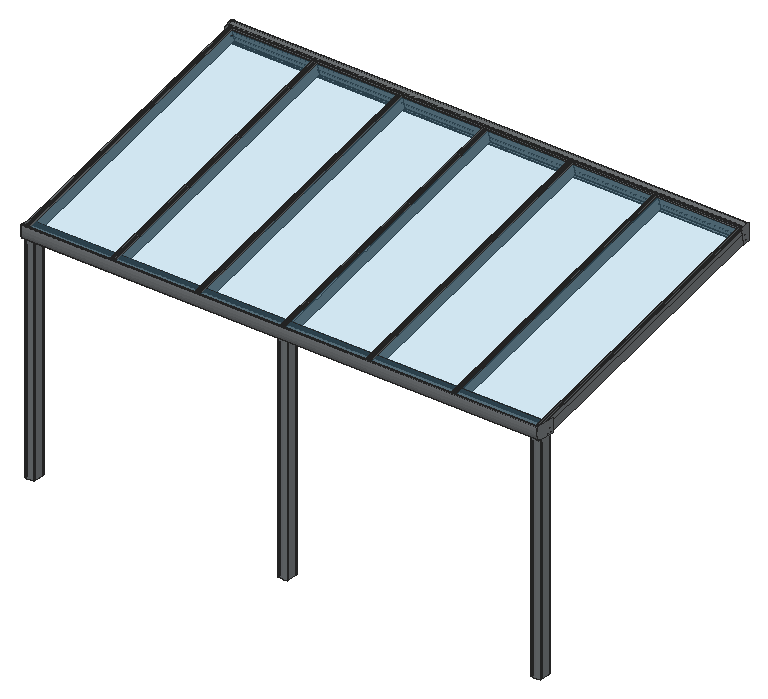
Revit family "Verano_V908_Ledro_GM_R21", category Generic Models, Revit 2021
Family settings
  Can host rebar = No
  Round Connector Dimension = Use Diameter
  Part Type = Normal
  Work Plane-Based = No
  Always vertical = Yes
  Cut with Voids When Loaded = No
  Shared = No
  Room Calculation Point = No
Parameters (values of type "T1 - Rounded Profile")
  c [instance] = sqrt(a ^ 2 + b ^ 2)  # 2944.26 mm
  b [instance] = Overall Projection Constraint - 30 mm - 122 mm  # 2848 mm
  a min. [instance] = b * tan(Min Angle)  # 249.168 mm
  a max. [instance] = b * tan(Max Angle)  # 763.119 mm
  a [instance] = H1 Constraint - H2 Constraint - 3.3 mm  # 746.7 mm
  Width [instance] = Overall Width Constraint  # 6000 mm
  Warning - Width [instance] = if(or(Width Input < Minimal Width, Width Input > Maximal Width), 1 = 1, 1 = 0)  # no
  Warning - Water Resistance [instance] = if(Inclination Angle < 7.00°, 1 = 1, 1 = 0)  # no
  Warning - Projection [instance] = if(or(Projection Input < Minimal Projection, Projection Input > Maximal Projection), 1 = 1, 1 = 0)  # no
  Warning - Height [instance] = if(or([H1 - Bottom Wall Profile] > Max H1, H2 Constraint > Max Pillar Height), 1 = 1, 1 = 0)  # no
  Warning - Angle [instance] = if(or(Inclination Angle < Min Angle, Inclination Angle > Max Angle), 1 = 1, 1 = 0)  # no
  URL = "https://verano.nl/catalogus/terrasoverkappingen"
  Width Input [instance] = 6000 mm
  Wall Profile Length [instance] = Overall Width Constraint  # 6000 mm
  Straight = not(Rounded)  # no
  Rounded = yes
  Projection [instance] = Overall Projection Constraint  # 3000 mm
  Pillar Offset [instance] = 57.5 mm  # constant formula
  Pillar Array Distance [instance] = if(Overall Width Constraint < 5001 mm, Overall Width Constraint - 2 * Pillar Offset, (Overall Width Constraint - 2 * Pillar Offset) / Number of Pillars wo Last)  # 1961.667 mm
  Panel Material [instance] = V_Polycarbonate
  Overall Width Constraint [instance] = if(Width Input < Minimal Width, Minimal Width, if(Width Input > Maximal Width, Maximal Width, Width Input))  # 6000 mm
  Overall Projection Constraint [instance] = if(Projection Input < Minimal Projection, Minimal Projection, if(Projection Input > Maximal Projection, Maximal Projection, Projection Input))  # 3000 mm
  Projection Input [instance] = 3000 mm
  OWC [instance] = Overall Width Constraint  # 6000 mm
  OPC [instance] = Overall Projection Constraint  # 3000 mm
  Number of Rails [instance] = Number of Fields - 1  # 5
  Number of Pillars wo Last [instance] = Number of Pillars - 1  # 3
  Number of Pillars [instance] = if(OWC < 4001 mm, 2, if(and(OWC < 4501 mm, OPC < 4001 mm), 2, if(and(OWC < 5001 mm, OPC < 3001 mm), 2, if(and(OWC < 5501 mm, OPC < 2001 mm), 2, if(and(OWC < 9001 mm, OPC > 4000 mm), 4, if(and(OWC < 10001 mm, OPC > 3000 mm), 4, if(and(OWC < 11001 mm, OPC > 2000 mm), 4, if(and(OWC < 12001 mm, OWC > 11000 mm), 4, if(and(OWC < 13501 mm, OPC < 4001 mm), 4, if(and(OWC < 14001 mm, OPC < 3001 mm), 4, if(and(OWC < 13501 mm, OPC > 4000 mm), 5, if(and(OWC < 14001 mm, OPC > 3000 mm), 5, 3))))))))))))  # 4
  Number of Fields [instance] = roundup(if(Overall Width Constraint < 3001 mm, 3, Overall Width Constraint / 1000 mm))  # 6
  NOP [instance] = if(OWC < 4001 mm, 2, if(and(OWC < 4501 mm, OPC < 4001 mm), 2, if(and(OWC < 5001 mm, OPC < 3001 mm), 2, if(and(OWC < 5501 mm, OPC < 2001 mm), 2, if(and(OWC < 4501 mm, OPC > 4000 mm), 3, if(and(OWC < 5001 mm, OPC > 3000 mm), 3, if(and(OWC < 5501 mm, OPC > 2000 mm), 3, if(and(OWC > 5999 mm, OWC < 8001 mm), 3, if(and(OWC < 8501 mm, OPC < 4001 mm), 3, if(and(OWC < 9001 mm, OPC < 4001 mm), 3, if(and(OWC < 10001 mm, OPC < 3001 mm), 3, if(and(OWC < 11001 mm, OPC < 2001 mm), 3, if(and(OWC < 9001 mm, OPC > 4001 mm), 4, if(and(OWC < 10001 mm, OPC > 3000 mm), 4, if(and(OWC < 11001 mm, OPC > 2000 mm), 4, if(and(OWC < 12001 mm, OWC > 11000 mm), 4, if(and(OWC < 13501 mm, OPC < 4001 mm), 4, if(and(OWC < 14001 mm, OPC < 3001 mm), 4, if(and(OWC < 13501 mm, OPC > 4000 mm), 5, if(and(OWC < 14001 mm, OPC > 3000 mm), 5, 6))))))))))))))))))))  # 3
  NOF [instance] = if(or(Number of Fields = 3, Number of Fields = 5, Number of Fields = 7, Number of Fields = 9, Number of Fields = 11, Number of Fields = 13), 1, 2)  # 2
  Model = "Ledro V908"
  Minimal Width = 3000 mm  # constant formula
  Minimal Projection = 2000 mm  # constant formula
  Min Angle = 5.00°  # constant formula
  Maximal Width = 14000 mm  # constant formula
  Max H1 = Max Pillar Height + 4349 mm * tan(Max Angle)  # 6165.311 mm
  Maximal Projection = 4500 mm  # constant formula
  Max Pillar Height = 5000 mm  # constant formula
  Max Angle = 15.00°  # constant formula
  Manufacturer = "Verano Systems"
  Height [instance] = [H1 - Bottom Wall Profile]  # 3250 mm
  H2C [instance] = if([H2 - Bottom Profile Gutter] > (H1 Constraint - a min. - 3.3 mm), (H1 Constraint - a min. - 3.3 mm), if([H2 - Bottom Profile Gutter] < (H1 Constraint - a max. - 3.3 mm), (H1 Constraint - a max. - 3.3 mm), [H2 - Bottom Profile Gutter]))  # 2500 mm
  H2 Constraint [instance] = if([H2 - Bottom Profile Gutter] > [H1 - Bottom Wall Profile], ([H1 - Bottom Wall Profile] - a min.), [H2 - Bottom Profile Gutter])  # 2500 mm
  H2 - Bottom Profile Gutter [instance] = 2500 mm
  H1 Constraint [instance] = if([H1 - Bottom Wall Profile] > Max H1, Max H1, [H1 - Bottom Wall Profile])  # 3250 mm
  H1 - Bottom Wall Profile [instance] = 3250 mm
  Gutter Length [instance] = Overall Width Constraint  # 6000 mm
  Glass Segment Width [instance] = (Overall Width Constraint / Number of Fields) - 28 mm  # 972 mm
  Frame Material [instance] = V_Antracite
  End Field Width [instance] = Overall Width Constraint / Number of Fields + 28.5 mm  # 1028.5 mm
  Default Elevation = 0 mm  # constant formula
  Attention = "Water resistance is not guaranteed on slopes less than 7º"
  Inclination Angle [instance] = atan(a / b)  # 14.6914°
  Adjacent [instance] = Overall Projection Constraint - 30 mm - 122 mm  # 2848 mm
  Achtung = "Keine Garantie auf Wasserdichtigkeit bei einem Gefälle von weniger als 7º"
Reference planes
  plane 1 "Center (Front/Back)": y = 0
  plane 2: z = 0
  plane 3 "Center (Left/Right)": x = 0
  plane 4 "Right": x = 3000
  plane 5 "Left": x = -3000
  plane 6: y = -3000
  plane 7: x = -2942.5
  plane 8: x = 2942.5
  plane 9: y = -2941.5
  plane 10 "CoRV": y = -30
  plane 11 "CoRH": z = 3250
  plane 12: z = 3436
  plane 13 "CoRV 1": y = -2877.75
  plane 14 "CoRH 1": z = 2500
  plane 15: x = -2971.5
  plane 16: x = 2971.5
Forms (mm)
  Revolve 1, solid, not visible
    sketch origin (0, 0, 3250) x (1, 0, 0) y (0, 1, 0)
      loop
        line (-3000, -30) -> (-3000, -40) -> (3000, -40) -> (3000, -30) -> (-3000, -30)
      axis (3000, -30) -> (-3000, -30)
    angle from 14.691 <- "Inclination Angle" to 90
  Extrusion 2, solid, material "V_Antracite" <- "Frame Material"
    sketch origin (3000, 0, 0) x (0, 1, 0) y (0, 0, 1)
      loop
        arc (-91.639, 3409.214) -> (-93.32, 3407.912) -> (-93.717, 3405.824) r 3
        line (-93.717, 3405.824) -> (-64.221, 3238.546)
        arc (-64.221, 3238.546) -> (-62.987, 3236.609) -> (-60.746, 3236.112) r 3
        line (-60.746, 3236.112) -> (-1.526, 3246.554)
        arc (-1.526, 3246.554) -> (-0.934, 3246.896) -> (-0.7, 3247.539) r 0.998
        line (-0.7, 3247.539) -> (-0.7, 3435.3)
        arc (-0.7, 3435.3) -> (-0.993, 3436.007) -> (-1.7, 3436.3) r 1
        line (-1.7, 3436.3) -> (-3.045, 3436.3) -> (-91.639, 3409.214)
      loop
        circle (-5.5, 3431.576) r 2
      loop
        circle (-49.952, 3416.94) r 2
      loop
        circle (-5.5, 3251.5) r 2
    from 0 to 2
  Extrusion 3, solid, material "V_Antracite" <- "Frame Material"
    sketch origin (-3000, 0, 0) x (0, 1, 0) y (0, 0, 1)
      loop
        arc (-91.639, 3409.214) -> (-93.32, 3407.912) -> (-93.717, 3405.824) r 3
        line (-93.717, 3405.824) -> (-64.221, 3238.546)
        arc (-64.221, 3238.546) -> (-62.987, 3236.609) -> (-60.746, 3236.112) r 3
        line (-60.746, 3236.112) -> (-1.526, 3246.554)
        arc (-1.526, 3246.554) -> (-0.934, 3246.896) -> (-0.7, 3247.539) r 0.998
        line (-0.7, 3247.539) -> (-0.7, 3435.3)
        arc (-0.7, 3435.3) -> (-0.993, 3436.007) -> (-1.7, 3436.3) r 1
        line (-1.7, 3436.3) -> (-3.045, 3436.3) -> (-91.639, 3409.214)
      loop
        circle (-5.5, 3431.576) r 2
      loop
        circle (-49.952, 3416.94) r 2
      loop
        circle (-5.5, 3251.5) r 2
    from 0 to -2
  Extrusion 4, solid, material "V_Antracite" <- "Frame Material", visible <- "Rounded"
    sketch origin (3000, 0, 0) x (0, 1, 0) y (0, 0, 1)
      loop
        arc (-3053.695, 2648) -> (-3055.094, 2647.573) -> (-3056.014, 2646.435) r 2.494
        arc (-3056.014, 2646.435) -> (-3067.356, 2575.877) -> (-3047.044, 2507.362) r 161.004
        arc (-3047.044, 2507.362) -> (-3046.687, 2506.875) -> (-3046.224, 2506.488) r 2.5
        arc (-3046.224, 2506.488) -> (-3034.124, 2501.273) -> (-3021.067, 2499.5) r 48.595
        line (-3021.067, 2499.5) -> (-2841.69, 2499.5)
        arc (-2841.69, 2499.5) -> (-2839.919, 2500.229) -> (-2839.19, 2502) r 2.491
        line (-2839.19, 2502) -> (-2839.19, 2645.5)
        arc (-2839.19, 2645.5) -> (-2839.922, 2647.268) -> (-2841.69, 2648) r 2.5
        line (-2841.69, 2648) -> (-3053.695, 2648)
      loop
        circle (-3041.44, 2638.938) r 2
      loop
        circle (-3041.44, 2513) r 2
      loop
        arc (-3006.19, 2575.5) -> (-3007.44, 2574.25) -> (-3006.19, 2573) r 1.25
        line (-3006.19, 2573) -> (-2946.19, 2573)
        arc (-2946.19, 2573) -> (-2944.94, 2574.25) -> (-2946.19, 2575.5) r 1.25
        line (-2946.19, 2575.5) -> (-3006.19, 2575.5)
      loop
        circle (-2908.44, 2591) r 2
      loop
        circle (-2908.44, 2513) r 2
    from 0 to 2
  Extrusion 5, solid, material "V_Antracite" <- "Frame Material", visible <- "Straight"
    sketch origin (3000, 0, 0) x (0, 1, 0) y (0, 0, 1)
      loop
        line (-2841.688, 2648.006) -> (-3027.893, 2648.006)
        arc (-3027.893, 2648.006) -> (-3029.603, 2647.705) -> (-3031.107, 2646.836) r 5
        line (-3031.107, 2646.836) -> (-3057.611, 2624.597)
        arc (-3057.611, 2624.597) -> (-3058.665, 2623.223) -> (-3059.04, 2621.533) r 4
        line (-3059.04, 2621.533) -> (-3059.04, 2516.296)
        arc (-3059.04, 2516.296) -> (-3058.799, 2514.928) -> (-3058.104, 2513.725) r 4
        line (-3058.104, 2513.725) -> (-3047.217, 2500.75)
        arc (-3047.217, 2500.75) -> (-3045.988, 2499.815) -> (-3044.476, 2499.501) r 3.5
        line (-3044.476, 2499.501) -> (-2841.691, 2499.501)
        arc (-2841.691, 2499.501) -> (-2839.921, 2500.23) -> (-2839.193, 2502) r 2.489
        line (-2839.193, 2502) -> (-2839.193, 2645.511)
        arc (-2839.193, 2645.511) -> (-2839.923, 2647.275) -> (-2841.688, 2648.006) r 2.495
    from 0 to 2
  Extrusion 6, solid, material "V_Antracite" <- "Frame Material", visible <- "Straight"
    sketch origin (-3000, 0, 0) x (0, 1, 0) y (0, 0, 1)
      loop
        arc (-3027.893, 2648.006) -> (-3029.603, 2647.705) -> (-3031.107, 2646.836) r 5
        line (-3031.107, 2646.836) -> (-3057.611, 2624.597)
        arc (-3057.611, 2624.597) -> (-3058.665, 2623.223) -> (-3059.04, 2621.533) r 4
        line (-3059.04, 2621.533) -> (-3059.04, 2516.296)
        arc (-3059.04, 2516.296) -> (-3058.799, 2514.928) -> (-3058.104, 2513.725) r 4
        line (-3058.104, 2513.725) -> (-3047.217, 2500.75)
        arc (-3047.217, 2500.75) -> (-3045.988, 2499.815) -> (-3044.476, 2499.501) r 3.5
        line (-3044.476, 2499.501) -> (-2841.691, 2499.501)
        arc (-2841.691, 2499.501) -> (-2839.921, 2500.23) -> (-2839.193, 2502) r 2.489
        line (-2839.193, 2502) -> (-2839.193, 2645.511)
        arc (-2839.193, 2645.511) -> (-2839.923, 2647.275) -> (-2841.688, 2648.006) r 2.495
        line (-2841.688, 2648.006) -> (-3027.893, 2648.006)
    from 0 to -2
  Extrusion 7, solid, material "V_Antracite" <- "Frame Material", visible <- "Rounded"
    sketch origin (-3000, 0, 0) x (0, 1, 0) y (0, 0, 1)
      loop
        line (-2841.567, 2647.379) -> (-3055.201, 2647.379)
        arc (-3055.201, 2647.379) -> (-3055.219, 2646.652) -> (-3054.896, 2646.001) r 1.514
        arc (-3054.896, 2646.001) -> (-3066.34, 2575.666) -> (-3046.206, 2507.309) r 160.489
        arc (-3046.206, 2507.309) -> (-3045.942, 2506.943) -> (-3045.609, 2506.64) r 2.149
        arc (-3045.609, 2506.64) -> (-3033.717, 2501.543) -> (-3020.9, 2499.782) r 48.359
        line (-3020.9, 2499.782) -> (-2841.701, 2499.782)
        arc (-2841.701, 2499.782) -> (-2840.086, 2500.445) -> (-2839.4, 2502.05) r 2.306
        line (-2839.4, 2502.05) -> (-2839.4, 2645.211)
        arc (-2839.4, 2645.211) -> (-2840.034, 2646.744) -> (-2841.567, 2647.379) r 2.168
      loop
        circle (-3041.44, 2638.938) r 2
      loop
        circle (-2908.44, 2591) r 2
      loop
        arc (-3006.19, 2575.5) -> (-3007.44, 2574.25) -> (-3006.19, 2573) r 1.25
        line (-3006.19, 2573) -> (-2946.19, 2573)
        arc (-2946.19, 2573) -> (-2944.94, 2574.25) -> (-2946.19, 2575.5) r 1.25
        line (-2946.19, 2575.5) -> (-3006.19, 2575.5)
      loop
        circle (-2908.44, 2513) r 2
      loop
        circle (-3041.44, 2513) r 2
    from 0 to -2
Lines and regions (mm)
  symbolic lines, style "GenericModelHiddenLines"
    curve 1: line (-3000, -30, 2500) -> (3000, -30, 2500)
    curve 2: line (-3000, -3000, 2500) -> (-3000, -30, 2500)
    curve 3: line (3000, -3000, 2500) -> (-3000, -3000, 2500)
    curve 4: line (3000, -30, 2500) -> (3000, -3000, 2500)
  symbolic lines, style "InvisibleLines"
    curve 5: line (-3000, -30, 2266.387) -> (-3000, -30, 3250)
Dimensions and locks
  "Overall Width Constraint": plane 5 "Left" to plane 4 "Right"
  equal spacing: plane 5 "Left", plane 3 "Center (Left/Right)", plane 4 "Right"
  "Overall Projection Constraint": plane 6 to plane 1 "Center (Front/Back)"
  locked: plane 6 to plane 9 at 58.5
  "Pillar Offset": plane 5 "Left" to plane 7
  plane 6 to plane 9 = 58.5 mm
  "Pillar Offset": plane 8 to plane 4 "Right"
  locked: plane 10 "CoRV" to plane 1 "Center (Front/Back)" at 30
  locked: plane 6 to plane 13 "CoRV 1" at 122.25
  locked: plane 11 "CoRH" to plane 12 at 186
  locked: plane 5 "Left" to plane 15 at 28.5
  locked: plane 16 to plane 4 "Right" at 28.5
  "H1 Constraint": plane 11 "CoRH" to level
  "H2 Constraint": plane 14 "CoRH 1" to level
  plane 1 "Center (Front/Back)" to Revolve 1 = 30 mm
  plane 1 "Center (Front/Back)" to plane 6 = 3000 mm
  equal spacing: group 2, group 4, group 3  (x3)
  equal spacing: group 5, group 7, group 6  (x3)
  aligned and locked: level to plane 2
  aligned and locked: nested 1 to plane 7
  aligned and locked: nested 2 to plane 7
  aligned and locked: nested 2 to plane 9
  aligned and locked: nested 4 to plane 9
  aligned and locked: plane 3 "Center (Left/Right)" to nested 5
  aligned and locked: nested 5 to plane 9
  aligned and locked: plane 3 "Center (Left/Right)" to nested 6
  aligned and locked: nested 6 to plane 12
  aligned and locked: plane 5 "Left" to Revolve 1 sketch curve
  aligned and locked: plane 10 "CoRV" to Revolve 1 sketch curve
  aligned and locked: plane 4 "Right" to Revolve 1 sketch curve
  aligned and locked: nested 1 to plane 9
  aligned and locked: nested 7 to plane 5 "Left"
  aligned and locked: Extrusion 6 sketch curve to Extrusion 5  (x8)
  aligned and locked: plane 5 "Left" to Extrusion 6
  aligned and locked: plane 10 "CoRV" to curve 1
  aligned and locked: curve 4 to plane 4 "Right"
  aligned and locked: curve 3 to plane 6
  aligned and locked: curve 2 to plane 5 "Left"
  aligned and locked: nested 5 to plane 14 "CoRH 1"
  aligned and locked: nested 4 to plane 14 "CoRH 1"
  aligned and locked: nested 8 to plane 8
  aligned and locked: nested 8 to plane 9
  aligned and locked: nested 10 to plane 8
  aligned and locked: nested 10 to plane 9
Automatic sketch dimensions
  plane 12 to Extrusion 2 sketch curve = 30.176 mm
  plane 10 "CoRV" to Extrusion 2 sketch curve = 63.717 mm
  plane 12 to Extrusion 2 sketch curve = 26.786 mm
  Extrusion 2 sketch curve to Extrusion 2 sketch curve = 2.077 mm
  Extrusion 2 sketch curve to Extrusion 2 sketch curve = 0.877 mm
  plane 11 "CoRH" to Extrusion 2 sketch curve = 11.454 mm
  plane 10 "CoRV" to Extrusion 2 sketch curve = 34.221 mm
  Extrusion 2 sketch curve to Extrusion 2 sketch curve = 2.954 mm
  plane 11 "CoRH" to Extrusion 2 sketch curve = 13.888 mm
  Extrusion 2 sketch curve to Extrusion 2 sketch curve = 0.521 mm
  plane 10 "CoRV" to Extrusion 2 sketch curve = 19.952 mm
  Extrusion 2 sketch curve to plane 11 "CoRH" = 1.5 mm
  plane 1 "Center (Front/Back)" to Extrusion 2 sketch curve = 5.5 mm  (x2)
  Extrusion 2 sketch curve to plane 12 = 0.3 mm
  plane 1 "Center (Front/Back)" to Extrusion 2 sketch curve = 3.045 mm
  Extrusion 2 sketch curve to Extrusion 2 sketch curve = 1.345 mm
  plane 1 "Center (Front/Back)" to Extrusion 2 sketch curve = 1.698 mm
  Extrusion 2 sketch curve to Extrusion 2 sketch curve = 0.172 mm
  plane 1 "Center (Front/Back)" to Extrusion 2 sketch curve = 0.7 mm
  plane 11 "CoRH" to Extrusion 2 sketch curve = 3.446 mm
  Extrusion 2 sketch curve to Extrusion 2 sketch curve = 0.983 mm
  plane 12 to Extrusion 2 sketch curve = 19.06 mm
  plane 12 to Extrusion 2 sketch curve = 4.424 mm
  plane 12 to Extrusion 3 sketch curve = 30.176 mm
  plane 10 "CoRV" to Extrusion 3 sketch curve = 63.717 mm
  plane 12 to Extrusion 3 sketch curve = 26.786 mm
  Extrusion 3 sketch curve to Extrusion 3 sketch curve = 2.077 mm
  Extrusion 3 sketch curve to Extrusion 3 sketch curve = 0.877 mm
  plane 11 "CoRH" to Extrusion 3 sketch curve = 11.454 mm
  plane 10 "CoRV" to Extrusion 3 sketch curve = 34.221 mm
  Extrusion 3 sketch curve to Extrusion 3 sketch curve = 2.954 mm
  plane 11 "CoRH" to Extrusion 3 sketch curve = 13.888 mm
  Extrusion 3 sketch curve to Extrusion 3 sketch curve = 0.521 mm
  plane 10 "CoRV" to Extrusion 3 sketch curve = 19.952 mm
  Extrusion 3 sketch curve to plane 11 "CoRH" = 1.5 mm
  plane 1 "Center (Front/Back)" to Extrusion 3 sketch curve = 5.5 mm  (x2)
  Extrusion 3 sketch curve to plane 12 = 0.3 mm
  plane 1 "Center (Front/Back)" to Extrusion 3 sketch curve = 3.045 mm
  Extrusion 3 sketch curve to Extrusion 3 sketch curve = 1.345 mm
  plane 1 "Center (Front/Back)" to Extrusion 3 sketch curve = 1.698 mm
  Extrusion 3 sketch curve to Extrusion 3 sketch curve = 0.172 mm
  plane 1 "Center (Front/Back)" to Extrusion 3 sketch curve = 0.7 mm
  plane 11 "CoRH" to Extrusion 3 sketch curve = 3.446 mm
  Extrusion 3 sketch curve to Extrusion 3 sketch curve = 0.983 mm
  plane 12 to Extrusion 3 sketch curve = 19.06 mm
  plane 12 to Extrusion 3 sketch curve = 4.424 mm
  plane 6 to Extrusion 4 sketch curve = 53.699 mm
  Extrusion 4 sketch curve to Extrusion 4 sketch curve = 0.004 mm
  Extrusion 4 sketch curve to plane 14 "CoRH 1" = 8.586 mm
  plane 6 to Extrusion 4 sketch curve = 44.865 mm
  Extrusion 4 sketch curve to Extrusion 4 sketch curve = 12.259 mm
  Extrusion 4 sketch curve to Extrusion 4 sketch curve = 3.425 mm
  plane 6 to Extrusion 4 sketch curve = 21.117 mm
  plane 14 "CoRH 1" to Extrusion 4 sketch curve = 0.5 mm
  plane 6 to Extrusion 4 sketch curve = 21.067 mm
  plane 6 to Extrusion 4 sketch curve = 6.19 mm
  plane 9 to Extrusion 4 sketch curve = 4.69 mm
  plane 13 "CoRV 1" to Extrusion 4 sketch curve = 30.69 mm  (x2)
  Extrusion 4 sketch curve to plane 14 "CoRH 1" = 13 mm
  Extrusion 4 sketch curve to Extrusion 4 sketch curve = 1.754 mm
  Extrusion 4 sketch curve to plane 13 "CoRV 1" = 36.06 mm  (x2)
  Extrusion 4 sketch curve to plane 14 "CoRH 1" = 1.991 mm
  Extrusion 4 sketch curve to Extrusion 4 sketch curve = 0.009 mm
  Extrusion 4 sketch curve to plane 14 "CoRH 1" = 2 mm
  Extrusion 4 sketch curve to Extrusion 4 sketch curve = 4.414 mm
  Extrusion 4 sketch curve to Extrusion 4 sketch curve = 35.095 mm
  Extrusion 4 sketch curve to Extrusion 4 sketch curve = 60 mm
  Extrusion 4 sketch curve to Extrusion 4 sketch curve = 1.25 mm
  Extrusion 4 sketch curve to Extrusion 4 sketch curve = 10.74 mm
  Extrusion 4 sketch curve to Extrusion 4 sketch curve = 4.76 mm
  Extrusion 4 sketch curve to Extrusion 4 sketch curve = 63.438 mm
  Extrusion 4 sketch curve to Extrusion 4 sketch curve = 54.5 mm
  Extrusion 4 sketch curve to Extrusion 4 sketch curve = 2.494 mm
  Extrusion 4 sketch curve to Extrusion 4 sketch curve = 2.315 mm
  Extrusion 4 sketch curve to Extrusion 4 sketch curve = 0 mm
  plane 6 to Extrusion 5 sketch curve = 59.04 mm
  Extrusion 5 sketch curve to plane 14 "CoRH 1" = 13.725 mm
  Extrusion 5 sketch curve to Extrusion 5 sketch curve = 0.936 mm
  Extrusion 5 sketch curve to Extrusion 5 sketch curve = 1.429 mm
  Extrusion 5 sketch curve to Extrusion 5 sketch curve = 3.064 mm
  Extrusion 5 sketch curve to Extrusion 5 sketch curve = 4 mm
  Extrusion 5 sketch curve to plane 14 "CoRH 1" = 0.75 mm
  Extrusion 5 sketch curve to Extrusion 5 sketch curve = 10.887 mm
  Extrusion 5 sketch curve to Extrusion 5 sketch curve = 2.681 mm
  plane 14 "CoRH 1" to Extrusion 5 sketch curve = 0.499 mm
  Extrusion 5 sketch curve to Extrusion 5 sketch curve = 2.741 mm
  plane 6 to Extrusion 5 sketch curve = 31.107 mm
  Extrusion 5 sketch curve to Extrusion 5 sketch curve = 3.214 mm
  Extrusion 5 sketch curve to plane 13 "CoRV 1" = 36.059 mm
  Extrusion 5 sketch curve to plane 13 "CoRV 1" = 36.062 mm
  Extrusion 5 sketch curve to plane 14 "CoRH 1" = 1.99 mm
  Extrusion 5 sketch curve to Extrusion 5 sketch curve = 0.009 mm
  Extrusion 5 sketch curve to Extrusion 5 sketch curve = 2.495 mm
  Extrusion 5 sketch curve to Extrusion 5 sketch curve = 105.237 mm
  Extrusion 5 sketch curve to Extrusion 5 sketch curve = 21.473 mm
  Extrusion 5 sketch curve to Extrusion 5 sketch curve = 143.521 mm
  Extrusion 6 sketch curve to Extrusion 6 sketch curve = 3.214 mm
  Extrusion 6 sketch curve to Extrusion 6 sketch curve = 26.504 mm
  Extrusion 6 sketch curve to Extrusion 6 sketch curve = 0.936 mm
  Extrusion 6 sketch curve to plane 14 "CoRH 1" = 0.75 mm
  Extrusion 7 sketch curve to plane 13 "CoRV 1" = 36.182 mm
  Extrusion 7 sketch curve to plane 14 "CoRH 1" = 145.211 mm
  Extrusion 7 sketch curve to Extrusion 7 sketch curve = 2.168 mm
  plane 6 to Extrusion 7 sketch curve = 55.201 mm
  Extrusion 7 sketch curve to plane 14 "CoRH 1" = 2.05 mm
  Extrusion 7 sketch curve to Extrusion 7 sketch curve = 2.306 mm
  Extrusion 7 sketch curve to plane 14 "CoRH 1" = 2.088 mm
  plane 14 "CoRH 1" to Extrusion 7 sketch curve = 0.218 mm
  plane 6 to Extrusion 7 sketch curve = 20.9 mm
  plane 6 to Extrusion 7 sketch curve = 20.782 mm
  Extrusion 7 sketch curve to plane 14 "CoRH 1" = 48.14 mm
  Extrusion 7 sketch curve to plane 14 "CoRH 1" = 6.64 mm
  Extrusion 7 sketch curve to Extrusion 7 sketch curve = 1.269 mm
  Extrusion 7 sketch curve to Extrusion 7 sketch curve = 1.735 mm
  Extrusion 7 sketch curve to Extrusion 7 sketch curve = 0.597 mm
  plane 13 "CoRV 1" to Extrusion 7 sketch curve = 28.416 mm
  Extrusion 7 sketch curve to Extrusion 7 sketch curve = 0.305 mm
  Extrusion 7 sketch curve to Extrusion 7 sketch curve = 1.155 mm
  Extrusion 7 sketch curve to Extrusion 7 sketch curve = 12.301 mm
  Extrusion 7 sketch curve to plane 14 "CoRH 1" = 85.702 mm
  Extrusion 7 sketch curve to Extrusion 7 sketch curve = 8.042 mm
  Extrusion 7 sketch curve to Extrusion 7 sketch curve = 2 mm  (x4)
  Extrusion 7 sketch curve to Extrusion 7 sketch curve = 2.275 mm
  Extrusion 7 sketch curve to Extrusion 7 sketch curve = 5.298 mm
  plane 6 to Extrusion 7 sketch curve = 6.19 mm
  Extrusion 7 sketch curve to Extrusion 7 sketch curve = 26.11 mm
  Extrusion 7 sketch curve to Extrusion 7 sketch curve = 1.25 mm
  plane 9 to Extrusion 7 sketch curve = 4.69 mm
  Extrusion 7 sketch curve to plane 14 "CoRH 1" = 13 mm
  plane 13 "CoRV 1" to Extrusion 7 sketch curve = 30.69 mm
  Extrusion 7 sketch curve to Extrusion 7 sketch curve = 0 mm  (x2)
  Extrusion 7 sketch curve to Extrusion 7 sketch curve = 2.9 mm
  Extrusion 7 sketch curve to Extrusion 7 sketch curve = 4.625 mm
  plane 10 "CoRV" to Revolve 1 sketch curve = 0 mm
  plane 10 "CoRV" to Revolve 1 sketch curve = 10 mm
  Revolve 1 sketch curve to plane 5 "Left" = 3799.714 mm
  plane 4 "Right" to Revolve 1 sketch curve = 3564.034 mm
  curve 5 to plane 10 "CoRV" = 0 mm
  plane 11 "CoRH" to curve 5 = 0 mm
  plane 14 "CoRH 1" to curve 5 = 233.613 mm
  radius of Extrusion 2 sketch curve = 2 mm  (x3)
  radius of Extrusion 3 sketch curve = 2 mm  (x3)
  radius of Extrusion 4 sketch curve = 2 mm  (x4)
Nested families
  nested 1: "Pillar-Rounded" at (-2942.5, -2941.5, 0) x (0, 1, 0) z (0, 0, 1), visible <- "Rounded", type "Pillar-Rounded"
    with Pillar Height 2500 mm
  nested 2: "Pillar" at (-2942.5, -2941.5, 0) x (0, 1, 0) z (0, 0, 1), visible <- "Straight", type "Pillar"
    with Pillar Height 2500 mm
  nested 3: "Pillar" at (-2942.5, -1441.5, 0) x (0, 1, 0) z (0, 0, 1), type "Pillar", not visible
    with Pillar Height 2500 mm
  nested 4: "Gutter_Straight" at (0, -2941.5, 2500) x (-1, 0, 0) z (0, 0, 1), visible <- "Straight", built-in parameter 1001360 <- "H2 Constraint", type "Gutter_Straight"
    with Length 6000 mm, Default Elevation 2814.229 mm
  nested 5: "Gutter_Rounded" at (0, -2941.5, 2500) x (-1, 0, 0) z (0, 0, 1), visible <- "Rounded", built-in parameter 1001360 <- "H2 Constraint", type "Gutter_Rounded"
    with Length 6000 mm
  nested 6: "Wall Profile" at (0, 0, 3436), type "Wall Profile"
    with Length 6000 mm, Default Elevation 4000 mm
  nested 7: "Top Frame_4" at (1500, -30, 3250) x (1, 0, 0) z (0, -0.2536, 0.9673), type "Top Frame_4"
    with Width 6000 mm, V3000 yes, Rail Length Short 2929.66 mm, Rail Length 3019.66 mm, Number of Rails 5, Number of Fileds 6, Glass Width 962.5 mm, Field Width 990.5 mm, Frame Depth 2944.26 mm
  nested 8: "Pillar" at (2942.5, -2941.5, 0) x (0, 1, 0) z (0, 0, 1), visible <- "Straight", type "Pillar"
    with Pillar Height 2500 mm
  nested 9: "Pillar" at (0, -2941.5, 0) x (0, 1, 0) z (0, 0, 1), visible <- "Straight", type "Pillar"
    with Pillar Height 2500 mm
  nested 10: "Pillar-Rounded" at (2942.5, -2941.5, 0) x (0, 1, 0) z (0, 0, 1), visible <- "Rounded", type "Pillar-Rounded"
    with Pillar Height 2500 mm
  nested 11: "Pillar-Rounded" at (0, -2941.5, 0) x (0, 1, 0) z (0, 0, 1), visible <- "Rounded", type "Pillar-Rounded"
    with Pillar Height 2500 mm
Definition of nested family "Pillar-Rounded"
  Parameters
    Pillar Height = 250 mm
    Frame Material = none
    Default Elevation = 0 mm
  Reference planes
    plane 1 "Center (Front/Back)": y = 0
    plane 2: z = 0
    plane 3 "Center (Left/Right)": x = 0
  Forms (mm)
    Extrusion 1, solid, material <- "Frame Material"
      sketch origin (0, 0, 0) x (1, 0, 0) y (0, 1, 0)
        loop
          arc (-67.5, 57.5) -> (-68.086, 57.31) -> (-68.45, 56.813) r 1
          arc (-68.45, 56.813) -> (-68.792, 57.501) -> (-69.477, 57.15) r 0.541
          arc (-69.477, 57.15) -> (-78.276, 0) -> (-69.478, -57.146) r 190
          arc (-69.478, -57.146) -> (-68.797, -57.498) -> (-68.449, -56.815) r 0.541
          arc (-68.449, -56.815) -> (-68.085, -57.311) -> (-67.5, -57.5) r 1
          line (-67.5, -57.5) -> (67.5, -57.5)
          arc (67.5, -57.5) -> (68.207, -57.207) -> (68.5, -56.5) r 1
          line (68.5, -56.5) -> (68.5, -48.549)
          arc (68.5, -48.549) -> (68.319, -47.976) -> (67.842, -47.61) r 1
          arc (67.842, -47.61) -> (68.319, -47.243) -> (68.5, -46.67) r 1
          line (68.5, -46.67) -> (68.5, 46.67)
          arc (68.5, 46.67) -> (68.319, 47.243) -> (67.842, 47.61) r 1
          arc (67.842, 47.61) -> (68.319, 47.976) -> (68.5, 48.549) r 1
          line (68.5, 48.549) -> (68.5, 56.5)
          arc (68.5, 56.5) -> (68.207, 57.207) -> (67.5, 57.5) r 1
          line (67.5, 57.5) -> (-67.5, 57.5)
        loop
          line (66.5, 55.5) -> (55, 55.5) -> (55, 42.786)
          arc (55, 42.786) -> (53.634, 42.975) -> (53, 44.2) r 1.5
          line (53, 44.2) -> (53, 55.5) -> (14.5, 55.5) -> (14.5, -55.5) -> (53, -55.5) -> (53, -44.2)
          arc (53, -44.2) -> (53.634, -42.975) -> (55, -42.786) r 1.5
          line (55, -42.786) -> (55, -55.5) -> (66.5, -55.5) -> (66.5, -50)
          arc (66.5, -50) -> (66.207, -49.293) -> (65.5, -49) r 1
          line (65.5, -49) -> (63.628, -49)
          arc (63.628, -49) -> (62.087, -48.275) -> (61.664, -46.626) r 2
          line (61.664, -46.626) -> (55.329, -44.32) -> (55.5, -43.35) -> (62.12, -43.35) -> (65.158, -44.456)
          arc (65.158, -44.456) -> (66.074, -44.335) -> (66.5, -43.516) r 1
          line (66.5, -43.516) -> (66.5, 43.516)
          arc (66.5, 43.516) -> (66.074, 44.335) -> (65.158, 44.456) r 1
          line (65.158, 44.456) -> (62.12, 43.35) -> (55.5, 43.35) -> (55.329, 44.32) -> (61.664, 46.626)
          arc (61.664, 46.626) -> (62.087, 48.275) -> (63.628, 49) r 2
          line (63.628, 49) -> (65.5, 49)
          arc (65.5, 49) -> (66.207, 49.293) -> (66.5, 50) r 1
          line (66.5, 50) -> (66.5, 55.5)
        loop
          line (12.5, -55.5) -> (12.5, 55.5) -> (-53, 55.5) -> (-53, 49.964)
          arc (-53, 49.964) -> (-49.615, 50.252) -> (-47.229, 47.833) r 4
          arc (-47.229, 47.833) -> (-47.601, 46.679) -> (-48.812, 46.732) r 1
          arc (-48.812, 46.732) -> (-52.564, 48.047) -> (-51.207, 44.31) r 2.2
          arc (-51.207, 44.31) -> (-51.103, 43.258) -> (-52, 42.7) r 1
          line (-52, 42.7) -> (-54, 42.7)
          arc (-54, 42.7) -> (-54.707, 42.993) -> (-55, 43.7) r 1
          line (-55, 43.7) -> (-55, 55.5) -> (-67.897, 55.5)
          arc (-67.897, 55.5) -> (-76.276, 0) -> (-67.897, -55.5) r 188
          line (-67.897, -55.5) -> (-55, -55.5) -> (-55, -43.7)
          arc (-55, -43.7) -> (-54.707, -42.993) -> (-54, -42.7) r 1
          line (-54, -42.7) -> (-52, -42.7)
          arc (-52, -42.7) -> (-51.103, -43.258) -> (-51.207, -44.31) r 1
          arc (-51.207, -44.31) -> (-52.564, -48.047) -> (-48.812, -46.732) r 2.2
          arc (-48.812, -46.732) -> (-47.601, -46.679) -> (-47.229, -47.833) r 1
          arc (-47.229, -47.833) -> (-49.615, -50.252) -> (-53, -49.964) r 4
          line (-53, -49.964) -> (-53, -55.5) -> (12.5, -55.5)
      from 0 to 250 <- "Pillar Height"
  Dimensions and locks
    aligned and locked: level to plane 2
Definition of nested family "Pillar"
  Parameters
    Pillar Height = 250 mm
    Frame Material = none
    Default Elevation = 0 mm
  Reference planes
    plane 1 "Center (Front/Back)": y = 0
    plane 2: z = 0
    plane 3 "Center (Left/Right)": x = 0
  Forms (mm)
    Extrusion 1, solid, material <- "Frame Material"
      sketch origin (0, 0, 0) x (1, 0, 0) y (0, 1, 0)
        loop
          arc (-67.5, 57.5) -> (-68.207, 57.207) -> (-68.5, 56.5) r 1
          line (-68.5, 56.5) -> (-68.5, 48.549)
          arc (-68.5, 48.549) -> (-68.319, 47.976) -> (-67.842, 47.61) r 1
          arc (-67.842, 47.61) -> (-68.319, 47.243) -> (-68.5, 46.67) r 1
          line (-68.5, 46.67) -> (-68.5, -46.67)
          arc (-68.5, -46.67) -> (-68.319, -47.243) -> (-67.842, -47.61) r 1
          arc (-67.842, -47.61) -> (-68.319, -47.976) -> (-68.5, -48.549) r 1
          line (-68.5, -48.549) -> (-68.5, -56.5)
          arc (-68.5, -56.5) -> (-68.207, -57.207) -> (-67.5, -57.5) r 1
          line (-67.5, -57.5) -> (67.5, -57.5)
          arc (67.5, -57.5) -> (68.207, -57.207) -> (68.5, -56.5) r 1
          line (68.5, -56.5) -> (68.5, -48.549)
          arc (68.5, -48.549) -> (68.319, -47.976) -> (67.842, -47.61) r 1
          arc (67.842, -47.61) -> (68.319, -47.243) -> (68.5, -46.67) r 1
          line (68.5, -46.67) -> (68.5, 46.67)
          arc (68.5, 46.67) -> (68.319, 47.243) -> (67.842, 47.61) r 1
          arc (67.842, 47.61) -> (68.319, 47.976) -> (68.5, 48.549) r 1
          line (68.5, 48.549) -> (68.5, 56.5)
          arc (68.5, 56.5) -> (68.207, 57.207) -> (67.5, 57.5) r 1
          line (67.5, 57.5) -> (-67.5, 57.5)
        loop
          line (66.5, 55.5) -> (55, 55.5) -> (55, 42.786)
          arc (55, 42.786) -> (53.634, 42.975) -> (53, 44.2) r 1.5
          line (53, 44.2) -> (53, 55.5) -> (14.5, 55.5) -> (14.5, -55.5) -> (53, -55.5) -> (53, -44.2)
          arc (53, -44.2) -> (53.634, -42.975) -> (55, -42.786) r 1.5
          line (55, -42.786) -> (55, -55.5) -> (66.5, -55.5) -> (66.5, -50)
          arc (66.5, -50) -> (66.207, -49.293) -> (65.5, -49) r 1
          line (65.5, -49) -> (63.628, -49)
          arc (63.628, -49) -> (62.087, -48.275) -> (61.664, -46.626) r 2
          line (61.664, -46.626) -> (55.329, -44.32) -> (55.5, -43.35) -> (62.12, -43.35) -> (65.158, -44.456)
          arc (65.158, -44.456) -> (66.074, -44.335) -> (66.5, -43.516) r 1
          line (66.5, -43.516) -> (66.5, 43.516)
          arc (66.5, 43.516) -> (66.074, 44.335) -> (65.158, 44.456) r 1
          line (65.158, 44.456) -> (62.12, 43.35) -> (55.5, 43.35) -> (55.329, 44.32) -> (61.664, 46.626)
          arc (61.664, 46.626) -> (62.087, 48.275) -> (63.628, 49) r 2
          line (63.628, 49) -> (65.5, 49)
          arc (65.5, 49) -> (66.207, 49.293) -> (66.5, 50) r 1
          line (66.5, 50) -> (66.5, 55.5)
        loop
          line (12.5, -55.5) -> (12.5, 55.5) -> (-53, 55.5) -> (-53, 49.964)
          arc (-53, 49.964) -> (-49.615, 50.252) -> (-47.229, 47.833) r 4
          arc (-47.229, 47.833) -> (-47.601, 46.679) -> (-48.812, 46.732) r 1
          arc (-48.812, 46.732) -> (-52.564, 48.047) -> (-51.207, 44.31) r 2.2
          arc (-51.207, 44.31) -> (-51.103, 43.258) -> (-52, 42.7) r 1
          line (-52, 42.7) -> (-54, 42.7)
          arc (-54, 42.7) -> (-54.707, 42.993) -> (-55, 43.7) r 1
          line (-55, 43.7) -> (-55, 55.5) -> (-66.5, 55.5) -> (-66.5, 50)
          arc (-66.5, 50) -> (-66.207, 49.293) -> (-65.5, 49) r 1
          line (-65.5, 49) -> (-63.628, 49)
          arc (-63.628, 49) -> (-62.087, 48.275) -> (-61.664, 46.626) r 2
          line (-61.664, 46.626) -> (-55.329, 44.32) -> (-55.5, 43.35) -> (-62.12, 43.35) -> (-65.158, 44.456)
          arc (-65.158, 44.456) -> (-66.074, 44.335) -> (-66.5, 43.516) r 1
          line (-66.5, 43.516) -> (-66.5, -43.516)
          arc (-66.5, -43.516) -> (-66.074, -44.335) -> (-65.158, -44.456) r 1
          line (-65.158, -44.456) -> (-62.12, -43.35) -> (-55.5, -43.35) -> (-55.329, -44.32) -> (-61.664, -46.626)
          arc (-61.664, -46.626) -> (-62.087, -48.275) -> (-63.628, -49) r 2
          line (-63.628, -49) -> (-65.5, -49)
          arc (-65.5, -49) -> (-66.207, -49.293) -> (-66.5, -50) r 1
          line (-66.5, -50) -> (-66.5, -55.5) -> (-55, -55.5) -> (-55, -43.7)
          arc (-55, -43.7) -> (-54.707, -42.993) -> (-54, -42.7) r 1
          line (-54, -42.7) -> (-52, -42.7)
          arc (-52, -42.7) -> (-51.103, -43.258) -> (-51.207, -44.31) r 1
          arc (-51.207, -44.31) -> (-52.564, -48.047) -> (-48.812, -46.732) r 2.2
          arc (-48.812, -46.732) -> (-47.601, -46.679) -> (-47.229, -47.833) r 1
          arc (-47.229, -47.833) -> (-49.615, -50.252) -> (-53, -49.964) r 4
          line (-53, -49.964) -> (-53, -55.5) -> (12.5, -55.5)
      from 0 to 250 <- "Pillar Height"
  Dimensions and locks
    aligned and locked: level to plane 2
Definition of nested family "Gutter_Straight"
  Parameters
    Length = 1000 mm
    Frame Material = none
    Default Elevation = 0 mm
  Reference planes
    plane 1 "Center (Front/Back)": y = 0
    plane 2: z = 0
    plane 3 "Center (Left/Right)": x = 0
    plane 4: x = 500
    plane 5: x = -500
  Forms (mm)
    Extrusion 1, solid, material <- "Frame Material"
      sketch origin (0, 0, 0) x (0, 1, 0) y (0, 0, 1)
        loop
          line (115.79, 124.214) -> (92.936, 143.391)
          arc (92.936, 143.391) -> (88.674, 143.952) -> (86.365, 140.326) r 4
          line (86.365, 140.326) -> (86.365, 137.911)
          arc (86.365, 137.911) -> (84.611, 136.038) -> (84.607, 133.471) r 3.5
          arc (84.607, 133.471) -> (85.622, 132.84) -> (86.517, 133.633) r 1
          arc (86.517, 133.633) -> (87.865, 136.499) -> (89.213, 133.633) r 1.75
          arc (89.213, 133.633) -> (90.107, 132.84) -> (91.123, 133.471) r 1
          arc (91.123, 133.471) -> (91.119, 136.038) -> (89.365, 137.911) r 3.5
          line (89.365, 137.911) -> (89.365, 139.254)
          arc (89.365, 139.254) -> (90.231, 140.614) -> (91.829, 140.403) r 1.5
          line (91.829, 140.403) -> (113.54, 122.186) -> (113.54, 48.999) -> (109.54, 48.999) -> (109.54, 54.799)
          arc (109.54, 54.799) -> (108.64, 55.699) -> (107.74, 54.799) r 0.9
          line (107.74, 54.799) -> (107.74, 41.399)
          arc (107.74, 41.399) -> (108.64, 40.499) -> (109.54, 41.399) r 0.9
          line (109.54, 41.399) -> (109.54, 47.199) -> (113.54, 47.199) -> (113.54, 16.296) -> (105.32, 6.499) -> (98.033, 6.499)
          arc (98.033, 6.499) -> (97.472, 6.359) -> (97.044, 5.97) r 1.188
          arc (97.044, 5.97) -> (95.79, 2.999) -> (94.536, 5.97) r 1.75
          arc (94.536, 5.97) -> (93.345, 6.482) -> (92.395, 5.599) r 1.188
          arc (92.395, 5.599) -> (92.291, 4.848) -> (92.352, 4.093) r 3.5
          arc (92.352, 4.093) -> (92.246, 3.68) -> (91.861, 3.499) r 0.5
          line (91.861, 3.499) -> (-14.31, 3.499) -> (-14.31, 66.999) -> (-10.31, 66.999) -> (-10.31, 61.199)
          arc (-10.31, 61.199) -> (-9.41, 60.299) -> (-8.51, 61.199) r 0.9
          line (-8.51, 61.199) -> (-8.51, 74.599)
          arc (-8.51, 74.599) -> (-9.41, 75.499) -> (-10.31, 74.599) r 0.9
          line (-10.31, 74.599) -> (-10.31, 68.799) -> (-14.31, 68.799) -> (-14.31, 98.699)
          arc (-14.31, 98.699) -> (-14.103, 99.105) -> (-13.654, 99.174) r 0.5
          arc (-13.654, 99.174) -> (-12.462, 99.001) -> (-11.282, 99.241) r 3.5
          arc (-11.282, 99.241) -> (-10.651, 100.257) -> (-11.444, 101.151) r 1
          arc (-11.444, 101.151) -> (-14.31, 102.499) -> (-11.444, 103.847) r 1.75
          arc (-11.444, 103.847) -> (-10.651, 104.742) -> (-11.282, 105.757) r 1
          arc (-11.282, 105.757) -> (-11.91, 105.938) -> (-12.56, 105.999) r 3.5
          line (-12.56, 105.999) -> (-30.31, 105.999)
          arc (-30.31, 105.999) -> (-31.017, 105.706) -> (-31.31, 104.999) r 1
          line (-31.31, 104.999) -> (-31.31, 22.473)
          arc (-31.31, 22.473) -> (-31.749, 21.412) -> (-32.81, 20.973) r 1.5
          line (-32.81, 20.973) -> (-36.708, 20.973)
          arc (-36.708, 20.973) -> (-37.167, 21.085) -> (-37.524, 21.395) r 1
          arc (-37.524, 21.395) -> (-44.539, 28.566) -> (-53.438, 33.197) r 31.83
          arc (-53.438, 33.197) -> (-55.318, 32.721) -> (-54.563, 30.934) r 1.278
          arc (-54.563, 30.934) -> (-46.17, 26.662) -> (-39.564, 19.95) r 29.33
          arc (-39.564, 19.95) -> (-38.316, 18.864) -> (-36.708, 18.473) r 3.5
          line (-36.708, 18.473) -> (-32.81, 18.473)
          arc (-32.81, 18.473) -> (-31.749, 18.033) -> (-31.31, 16.973) r 1.5
          line (-31.31, 16.973) -> (-31.31, 3.5) -> (-58.525, 3.5)
          arc (-58.525, 3.5) -> (-63.75, 7.994) -> (-68.5, 3) r 5
          line (-68.5, 3) -> (-68.5, 0) -> (103.032, 0)
          arc (103.032, 0) -> (104.302, 0.28) -> (105.334, 1.072) r 3
          line (105.334, 1.072) -> (116.221, 14.046)
          arc (116.221, 14.046) -> (116.829, 15.099) -> (117.04, 16.296) r 3.5
          line (117.04, 16.296) -> (117.04, 121.533)
          arc (117.04, 121.533) -> (116.712, 123.012) -> (115.79, 124.214) r 3.5
        loop
          line (-16.81, 104) -> (-28.81, 104) -> (-28.81, 3.5) -> (-16.81, 3.5) -> (-16.81, 104)
      from -500 to 500
  Dimensions and locks
    equal spacing: plane 5, plane 3 "Center (Left/Right)", plane 4
    "Length": plane 5 to plane 4
    aligned and locked: level to plane 2
    aligned and locked: Extrusion 1 to plane 5
    aligned and locked: plane 4 to Extrusion 1
  Automatic sketch dimensions
    Extrusion 1 sketch curve to Extrusion 1 sketch curve = 0 mm  (x29)
    level to Extrusion 1 sketch curve = 3 mm
    plane 1 "Center (Front/Back)" to Extrusion 1 sketch curve = 68.5 mm
    Extrusion 1 sketch curve to Extrusion 1 sketch curve = 5 mm  (x2)
    level to Extrusion 1 sketch curve = 3.5 mm
    Extrusion 1 sketch curve to Extrusion 1 sketch curve = 4.352 mm
    Extrusion 1 sketch curve to Extrusion 1 sketch curve = 17.465 mm
    Extrusion 1 sketch curve to Extrusion 1 sketch curve = 3.898 mm
    Extrusion 1 sketch curve to Extrusion 1 sketch curve = 1.5 mm  (x4)
    Extrusion 1 sketch curve to Extrusion 1 sketch curve = 1 mm  (x3)
    Extrusion 1 sketch curve to Extrusion 1 sketch curve = 12 mm
    plane 1 "Center (Front/Back)" to Extrusion 1 sketch curve = 14.31 mm
    Extrusion 1 sketch curve to Extrusion 1 sketch curve = 0.5 mm  (x2)
    Extrusion 1 sketch curve to Extrusion 1 sketch curve = 1.25 mm  (x2)
    Extrusion 1 sketch curve to Extrusion 1 sketch curve = 0.913 mm  (x2)
    Extrusion 1 sketch curve to Extrusion 1 sketch curve = 4 mm  (x2)
    Extrusion 1 sketch curve to Extrusion 1 sketch curve = 0.9 mm  (x3)
    Extrusion 1 sketch curve to plane 1 "Center (Front/Back)" = 86.365 mm
    Extrusion 1 sketch curve to Extrusion 1 sketch curve = 3 mm
    Extrusion 1 sketch curve to Extrusion 1 sketch curve = 1.464 mm
    level to Extrusion 1 sketch curve = 3.999 mm
    Extrusion 1 sketch curve to Extrusion 1 sketch curve = 1.107 mm
    Extrusion 1 sketch curve to Extrusion 1 sketch curve = 1.687 mm
    Extrusion 1 sketch curve to Extrusion 1 sketch curve = 2.242 mm  (x2)
    Extrusion 1 sketch curve to Extrusion 1 sketch curve = 0.001 mm  (x3)
    level to Extrusion 1 sketch curve = 0 mm
    Extrusion 1 sketch curve to Extrusion 1 sketch curve = 0.004 mm
    level to Extrusion 1 sketch curve = 1.072 mm
    Extrusion 1 sketch curve to Extrusion 1 sketch curve = 2.302 mm
    Extrusion 1 sketch curve to Extrusion 1 sketch curve = 9.707 mm
    Extrusion 1 sketch curve to Extrusion 1 sketch curve = 21.711 mm
    Extrusion 1 sketch curve to Extrusion 1 sketch curve = 2.25 mm
    level to Extrusion 1 sketch curve = 14.046 mm
    Extrusion 1 sketch curve to Extrusion 1 sketch curve = 2.681 mm
    level to Extrusion 1 sketch curve = 3.499 mm
    Extrusion 1 sketch curve to Extrusion 1 sketch curve = 0.75 mm
    Extrusion 1 sketch curve to Extrusion 1 sketch curve = 1.218 mm
    Extrusion 1 sketch curve to Extrusion 1 sketch curve = 0.562 mm
    Extrusion 1 sketch curve to Extrusion 1 sketch curve = 1.188 mm
    Extrusion 1 sketch curve to Extrusion 1 sketch curve = 13.473 mm
    Extrusion 1 sketch curve to Extrusion 1 sketch curve = 2.5 mm
    Extrusion 1 sketch curve to Extrusion 1 sketch curve = 12.202 mm
    Extrusion 1 sketch curve to Extrusion 1 sketch curve = 25.103 mm
    Extrusion 1 sketch curve to Extrusion 1 sketch curve = 5.8 mm  (x4)
    Extrusion 1 sketch curve to Extrusion 1 sketch curve = 1.8 mm  (x2)
    Extrusion 1 sketch curve to Extrusion 1 sketch curve = 38.726 mm
    Extrusion 1 sketch curve to Extrusion 1 sketch curve = 24.1 mm
    Extrusion 1 sketch curve to Extrusion 1 sketch curve = 1.472 mm
    Extrusion 1 sketch curve to Extrusion 1 sketch curve = 2.327 mm  (x2)
    Extrusion 1 sketch curve to Extrusion 1 sketch curve = 1.501 mm
    Extrusion 1 sketch curve to Extrusion 1 sketch curve = 0.999 mm
    Extrusion 1 sketch curve to Extrusion 1 sketch curve = 66.734 mm
    Extrusion 1 sketch curve to Extrusion 1 sketch curve = 0.653 mm
    Extrusion 1 sketch curve to Extrusion 1 sketch curve = 12.564 mm
    Extrusion 1 sketch curve to Extrusion 1 sketch curve = 1.343 mm
    Extrusion 1 sketch curve to Extrusion 1 sketch curve = 1.072 mm
    Extrusion 1 sketch curve to Extrusion 1 sketch curve = 0.389 mm
    Extrusion 1 sketch curve to Extrusion 1 sketch curve = 0.736 mm
    Extrusion 1 sketch curve to Extrusion 1 sketch curve = 0.203 mm  (x2)
    Extrusion 1 sketch curve to Extrusion 1 sketch curve = 1.348 mm  (x2)
    Extrusion 1 sketch curve to Extrusion 1 sketch curve = 1.91 mm
    Extrusion 1 sketch curve to Extrusion 1 sketch curve = 0.989 mm
    Extrusion 1 sketch curve to Extrusion 1 sketch curve = 2.283 mm
    level to Extrusion 1 sketch curve = 16.296 mm
    Extrusion 1 sketch curve to Extrusion 1 sketch curve = 1.116 mm
    Extrusion 1 sketch curve to Extrusion 1 sketch curve = 0.931 mm  (x2)
Definition of nested family "Gutter_Rounded"
  Parameters
    Length = 1000 mm
    Frame Material = none
    Default Elevation = 0 mm
  Reference planes
    plane 1 "Center (Front/Back)": y = 0
    plane 2: z = 0
    plane 3 "Center (Left/Right)": x = 0
    plane 4: x = 500
    plane 5: x = -500
  Forms (mm)
    Extrusion 1, solid, material <- "Frame Material"
      sketch origin (0, 0, 0) x (0, 1, 0) y (0, 0, 1)
        loop
          arc (104.851, 7.151) -> (125.34, 75.648) -> (114.05, 146.248) r 160.5
          arc (114.05, 146.248) -> (113.249, 147.2) -> (112.04, 147.494) r 2
          line (112.04, 147.494) -> (100.285, 146.581)
          arc (100.285, 146.581) -> (98.972, 145.946) -> (98.44, 144.587) r 2
          line (98.44, 144.587) -> (98.44, 142.1)
          arc (98.44, 142.1) -> (96.686, 140.226) -> (96.682, 137.66) r 3.5
          arc (96.682, 137.66) -> (97.697, 137.029) -> (98.592, 137.822) r 1
          arc (98.592, 137.822) -> (99.94, 140.688) -> (101.288, 137.822) r 1.75
          arc (101.288, 137.822) -> (102.183, 137.029) -> (103.198, 137.66) r 1
          arc (103.198, 137.66) -> (103.194, 140.226) -> (101.44, 142.1) r 3.5
          line (101.44, 142.1) -> (101.44, 143.662) -> (111.018, 144.406)
          arc (111.018, 144.406) -> (121.859, 76.049) -> (102.254, 9.673) r 157
          arc (102.254, 9.673) -> (91.323, 5.071) -> (79.567, 3.5) r 44.773
          line (79.567, 3.5) -> (-14.31, 3.5) -> (-14.31, 105)
          arc (-14.31, 105) -> (-14.603, 105.707) -> (-15.31, 106) r 1
          line (-15.31, 106) -> (-30.31, 106)
          arc (-30.31, 106) -> (-31.017, 105.707) -> (-31.31, 105) r 1
          line (-31.31, 105) -> (-31.31, 94.8)
          arc (-31.31, 94.8) -> (-31.517, 94.395) -> (-31.966, 94.325) r 0.5
          arc (-31.966, 94.325) -> (-33.158, 94.499) -> (-34.338, 94.258) r 3.5
          arc (-34.338, 94.258) -> (-34.97, 93.243) -> (-34.176, 92.348) r 1
          arc (-34.176, 92.348) -> (-31.31, 91) -> (-34.176, 89.652) r 1.75
          arc (-34.176, 89.652) -> (-34.97, 88.757) -> (-34.338, 87.742) r 1
          arc (-34.338, 87.742) -> (-33.158, 87.501) -> (-31.966, 87.675) r 3.5
          arc (-31.966, 87.675) -> (-31.517, 87.605) -> (-31.31, 87.2) r 0.5
          line (-31.31, 87.2) -> (-31.31, 22.474)
          arc (-31.31, 22.474) -> (-31.749, 21.413) -> (-32.81, 20.974) r 1.5
          line (-32.81, 20.974) -> (-37.23, 20.974)
          arc (-37.23, 20.974) -> (-44.333, 28.412) -> (-53.438, 33.198) r 31.83
          arc (-53.438, 33.198) -> (-54.983, 32.555) -> (-54.563, 30.935) r 1.276
          arc (-54.563, 30.935) -> (-46.17, 26.663) -> (-39.564, 19.951) r 29.33
          arc (-39.564, 19.951) -> (-38.316, 18.865) -> (-36.708, 18.474) r 3.5
          line (-36.708, 18.474) -> (-32.81, 18.474)
          arc (-32.81, 18.474) -> (-31.749, 18.034) -> (-31.31, 16.974) r 1.5
          line (-31.31, 16.974) -> (-31.31, 3.5) -> (-58.525, 3.5)
          arc (-58.525, 3.5) -> (-63.75, 7.994) -> (-68.5, 3) r 5
          line (-68.5, 3) -> (-68.5, 0) -> (79.567, 0)
          arc (79.567, 0) -> (92.705, 1.822) -> (104.851, 7.151) r 48.273
        loop
          line (-16.81, 104) -> (-28.81, 104) -> (-28.81, 3.5) -> (-16.81, 3.5) -> (-16.81, 104)
      from -500 to 500
  Dimensions and locks
    equal spacing: plane 5, plane 3 "Center (Left/Right)", plane 4
    "Length": plane 5 to plane 4
    aligned and locked: level to plane 2
    aligned and locked: Extrusion 1 to plane 5
    aligned and locked: plane 4 to Extrusion 1
  Automatic sketch dimensions
    Extrusion 1 sketch curve to Extrusion 1 sketch curve = 0 mm  (x24)
    Extrusion 1 sketch curve to level = 0 mm
    plane 1 "Center (Front/Back)" to Extrusion 1 sketch curve = 68.5 mm
    level to Extrusion 1 sketch curve = 3 mm
    Extrusion 1 sketch curve to Extrusion 1 sketch curve = 5 mm
    level to Extrusion 1 sketch curve = 3.5 mm
    Extrusion 1 sketch curve to Extrusion 1 sketch curve = 4.684 mm
    Extrusion 1 sketch curve to Extrusion 1 sketch curve = 16.611 mm
    Extrusion 1 sketch curve to Extrusion 1 sketch curve = 0.522 mm
    plane 1 "Center (Front/Back)" to Extrusion 1 sketch curve = 34.81 mm
    Extrusion 1 sketch curve to Extrusion 1 sketch curve = 0.837 mm  (x2)
    Extrusion 1 sketch curve to Extrusion 1 sketch curve = 0.913 mm
    Extrusion 1 sketch curve to Extrusion 1 sketch curve = 3.898 mm
    Extrusion 1 sketch curve to Extrusion 1 sketch curve = 2.163 mm  (x2)
    Extrusion 1 sketch curve to Extrusion 1 sketch curve = 0.5 mm  (x2)
    Extrusion 1 sketch curve to Extrusion 1 sketch curve = 5.398 mm
    Extrusion 1 sketch curve to Extrusion 1 sketch curve = 1 mm  (x5)
    Extrusion 1 sketch curve to Extrusion 1 sketch curve = 1.5 mm  (x4)
    Extrusion 1 sketch curve to Extrusion 1 sketch curve = 12 mm
    Extrusion 1 sketch curve to plane 1 "Center (Front/Back)" = 79.567 mm
    Extrusion 1 sketch curve to Extrusion 1 sketch curve = 18.873 mm
    Extrusion 1 sketch curve to Extrusion 1 sketch curve = 1.845 mm
    Extrusion 1 sketch curve to Extrusion 1 sketch curve = 0.155 mm
    Extrusion 1 sketch curve to Extrusion 1 sketch curve = 9.578 mm
    Extrusion 1 sketch curve to Extrusion 1 sketch curve = 1.022 mm
    Extrusion 1 sketch curve to Extrusion 1 sketch curve = 1.177 mm
    Extrusion 1 sketch curve to Extrusion 1 sketch curve = 13.474 mm
    Extrusion 1 sketch curve to Extrusion 1 sketch curve = 12.036 mm
    Extrusion 1 sketch curve to Extrusion 1 sketch curve = 44.773 mm
    Extrusion 1 sketch curve to Extrusion 1 sketch curve = 53.042 mm
    Extrusion 1 sketch curve to Extrusion 1 sketch curve = 0.961 mm
    Extrusion 1 sketch curve to Extrusion 1 sketch curve = 2.433 mm
    Extrusion 1 sketch curve to Extrusion 1 sketch curve = 1.472 mm
    Extrusion 1 sketch curve to Extrusion 1 sketch curve = 9.2 mm
    Extrusion 1 sketch curve to Extrusion 1 sketch curve = 90.665 mm
    Extrusion 1 sketch curve to Extrusion 1 sketch curve = 1.562 mm
    Extrusion 1 sketch curve to Extrusion 1 sketch curve = 0.744 mm
    Extrusion 1 sketch curve to Extrusion 1 sketch curve = 2.487 mm
    Extrusion 1 sketch curve to Extrusion 1 sketch curve = 1.094 mm
    Extrusion 1 sketch curve to Extrusion 1 sketch curve = 1.994 mm
    Extrusion 1 sketch curve to Extrusion 1 sketch curve = 0.722 mm
    Extrusion 1 sketch curve to Extrusion 1 sketch curve = 0.203 mm  (x2)
    Extrusion 1 sketch curve to Extrusion 1 sketch curve = 0.365 mm  (x2)
    Extrusion 1 sketch curve to Extrusion 1 sketch curve = 1.348 mm  (x2)
    Extrusion 1 sketch curve to Extrusion 1 sketch curve = 2.597 mm
    Extrusion 1 sketch curve to Extrusion 1 sketch curve = 0.979 mm  (x3)
    Extrusion 1 sketch curve to Extrusion 1 sketch curve = 1.116 mm
    Extrusion 1 sketch curve to Extrusion 1 sketch curve = 0.931 mm
    Extrusion 1 sketch curve to Extrusion 1 sketch curve = 2.5 mm
Definition of nested family "Wall Profile"
  Parameters
    Length = 2000 mm
    Frame Material = none
    Default Elevation = 0 mm
  Reference planes
    plane 1 "Center (Front/Back)": y = 0
    plane 2: z = 0
    plane 3 "Center (Left/Right)": x = 0
    plane 4: x = 1000
    plane 5: x = -1000
    plane 6: z = -186
    plane 7: y = -30
  Forms (mm)
    Extrusion 1, solid, material <- "Frame Material"
      sketch origin (0, 0, 0) x (0, -1, 0) y (0, 0, -1)
        loop
          line (3, 0) -> (61.99, 18.035) -> (60.733, 22.147) -> (59.011, 21.621) -> (59.684, 19.421) -> (54.03, 17.693) -> (51.855, 24.807) -> (54.379, 27.42) -> (58.715, 28.746) -> (58.189, 30.467) -> (53.407, 29.005) -> (49.823, 25.295) -> (52.162, 17.645) -> (7.169, 3.889)
          arc (7.169, 3.889) -> (4.517, 3.044) -> (4.433, 5.826) r 1.743
          line (4.433, 5.826) -> (3.5, 6.759) -> (3.5, 162.721)
          arc (3.5, 162.721) -> (4.632, 164.525) -> (6.749, 164.291) r 2.004
          arc (6.749, 164.291) -> (17.563, 156.738) -> (30.512, 154.218) r 31.835
          arc (30.512, 154.218) -> (31.76, 155.466) -> (30.512, 156.715) r 1.249
          arc (30.512, 156.715) -> (14.028, 161.442) -> (3.002, 174.576) r 29.339
          line (3.002, 174.576) -> (3.002, 186) -> (24.084, 186)
          arc (24.084, 186) -> (24.729, 185.764) -> (25.07, 185.167) r 1
          arc (25.07, 185.167) -> (31.693, 181.295) -> (34.33, 188.5) r 5
          arc (34.33, 188.5) -> (33.964, 188.866) -> (33.464, 189) r 1
          line (33.464, 189) -> (0, 189) -> (0, 187.5) -> (1, 186.923) -> (1, 153.2) -> (0, 152.623) -> (0, 151.125) -> (1, 150.548) -> (1, 117.2) -> (0, 116.623) -> (0, 115.123) -> (1, 114.545) -> (1, 81.2) -> (0, 80.623) -> (0, 79.123) -> (1, 78.545) -> (1, 45.2) -> (0, 44.623) -> (0, 43.123) -> (1, 42.545) -> (1, 2.077) -> (0, 1.5) -> (0, 0) -> (3, 0)
      from -1000 to 1000
  Dimensions and locks
    equal spacing: plane 5, plane 3 "Center (Left/Right)", plane 4
    "Length": plane 5 to plane 4
    locked: plane 2 to plane 6 at 186
    locked: plane 1 "Center (Front/Back)" to plane 7 at 30
    aligned and locked: level to plane 2
    aligned and locked: Extrusion 1 to plane 5
    aligned and locked: plane 4 to Extrusion 1
  Automatic sketch dimensions
    Extrusion 1 sketch curve to plane 1 "Center (Front/Back)" = 0 mm
    Extrusion 1 sketch curve to level = 0 mm
    Extrusion 1 sketch curve to plane 6 = 0 mm
    plane 1 "Center (Front/Back)" to Extrusion 1 sketch curve = 0 mm  (x5)
    plane 1 "Center (Front/Back)" to Extrusion 1 sketch curve = 1 mm  (x5)
    Extrusion 1 sketch curve to Extrusion 1 sketch curve = 2 mm
    plane 6 to Extrusion 1 sketch curve = 0 mm
    Extrusion 1 sketch curve to Extrusion 1 sketch curve = 2.002 mm
    plane 1 "Center (Front/Back)" to Extrusion 1 sketch curve = 3.5 mm
    Extrusion 1 sketch curve to Extrusion 1 sketch curve = 0.933 mm  (x2)
    Extrusion 1 sketch curve to Extrusion 1 sketch curve = 2.004 mm
    Extrusion 1 sketch curve to Extrusion 1 sketch curve = 1.092 mm
    Extrusion 1 sketch curve to level = 3.889 mm
    Extrusion 1 sketch curve to Extrusion 1 sketch curve = 1.645 mm
    plane 6 to Extrusion 1 sketch curve = 1 mm
    Extrusion 1 sketch curve to Extrusion 1 sketch curve = 21.081 mm
    Extrusion 1 sketch curve to plane 6 = 0.048 mm
    Extrusion 1 sketch curve to Extrusion 1 sketch curve = 5.904 mm
    Extrusion 1 sketch curve to Extrusion 1 sketch curve = 0.012 mm
    Extrusion 1 sketch curve to Extrusion 1 sketch curve = 0.017 mm
    Extrusion 1 sketch curve to Extrusion 1 sketch curve = 25.008 mm
    Extrusion 1 sketch curve to plane 6 = 2 mm
    Extrusion 1 sketch curve to Extrusion 1 sketch curve = 3.459 mm
    Extrusion 1 sketch curve to Extrusion 1 sketch curve = 42.654 mm
    Extrusion 1 sketch curve to level = 24.807 mm
    Extrusion 1 sketch curve to Extrusion 1 sketch curve = 2.031 mm
    Extrusion 1 sketch curve to level = 17.645 mm
    Extrusion 1 sketch curve to Extrusion 1 sketch curve = 0.308 mm
    Extrusion 1 sketch curve to Extrusion 1 sketch curve = 1.553 mm
    Extrusion 1 sketch curve to level = 17.693 mm
    Extrusion 1 sketch curve to Extrusion 1 sketch curve = 1.868 mm
    Extrusion 1 sketch curve to Extrusion 1 sketch curve = 0.971 mm
